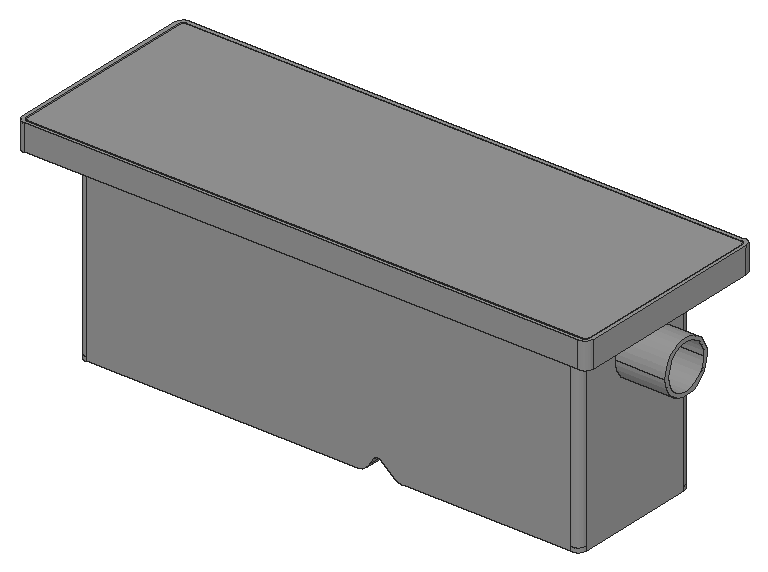
Revit family "Lil", category Plumbing Fixtures, Revit 2019
Family settings
  Round Connector Dimension = Use Diameter
  Part Type = Normal
  Work Plane-Based = No
  Always vertical = Yes
  Cut with Voids When Loaded = No
  Shared = No
  Room Calculation Point = No
Parameters (values of type "Lil-25-LP")
  top 2 = 3.09455"
  URL = "www.mifab.com"
  TOP1 = 1 1/2"
  TOP THK = 1 1/2"
  Model = "MI-G-25-PL"
  Material = Polyethylene, High Density
  Manufacturer = "MIFAB"
  FULL DIM = 6"
  F2 = F / 2 - 51/256"  # 1 77/256"
  F/2 = F / 2  # 1 1/2"
  F = 3"
  E = 12 1/2"
  Description = "25GPM Lil Max Low Profile Grease Interceptor"
  D = 9"
  C = 3 1/2"
  BOTTOM 1 = 9"
  B = 25 1/2"
  A+1 = (A + 1") / 1.95  # 17.4359"
  A = 33"
Types (9): name | top 2 | Model | F2 | F/2 | F | E | Description | D | C | B | A+1 | A
  (no name) | 3.09455" | "MI-G-25-PL" | 1 77/256" | 1 1/2" | 3" | 12 1/2" | "25GPM Lil Max Low Profile Grease Interceptor" | 9" | 3 1/2" | 25 1/2" | 17.4359" | 33"
  Lil-7 | 2" | "MI-G-1-PL" | 205/256" | 1" | 2" | 12 1/2" | "7GPM Lil Max Solid Interceptor" | 9" | 3 1/2" | 15 1/2" | 10.51282" | 19 1/2"
  Lil-10 | 3.09455" | "MI-G-2-PL" | 205/256" | 1" | 2" | 13 1/4" | "10GPM Lil Max Solid Interceptor" | 9 3/4" | 3 1/2" | 17 1/2" | 12.30769" | 23"
  Lil-15 | 3.09455" | "MI-G-3-PL" | 205/256" | 1" | 2" | 16 3/4" | "15GPM Lil Max Solid Interceptor" | 13 1/4" | 3 1/2" | 17 1/2" | 12.30769" | 23"
  Lil-20 | 3.09455" | "MI-G-4-PL" | 1 77/256" | 1 1/2" | 3" | 14 1/4" | "20GPM Lil Max Solid Interceptor" | 10 3/4" | 3 1/2" | 20 1/2" | 15.64103" | 29 1/2"
  Lil-25 | 3.09455" | "MI-G-5-PL" | 1 77/256" | 1 1/2" | 3" | 18 1/4" | "25GPM Lil Max Grease Interceptor" | 14 3/4" | 3 1/2" | 20 1/2" | 15.64103" | 29 1/2"
  Lil-35 | 3.09455" | "MI-G-6-PL" | 1 77/256" | 1 1/2" | 3" | 22 1/4" | "35GPM Lil Max Grease Interceptor" | 16 3/4" | 5 1/2" | 25 1/2" | 17.4359" | 33"
  Lil-50 | 3.09455" | "MI-G-7-PL" | 1 77/256" | 1 1/2" | 3" | 24 1/4" | "50GPM Lil Max Grease Interceptor" | 18 3/4" | 5 1/2" | 25 1/2" | 17.4359" | 33"
  Lil-25-LP | 3.09455" | "MI-G-25-PL" | 1 77/256" | 1 1/2" | 3" | 12 1/2" | "25GPM Lil Max Low Profile Grease Interceptor" | 9" | 3 1/2" | 25 1/2" | 17.4359" | 33"
Reference planes (in)
  plane 1 "Center (Front/Back)": y = 0
  plane 2: z = 0
  plane 3 "Center (Left/Right)": x = 0
  plane 4: z = -3.5
  plane 5: z = -12.5
Forms (in)
  Extrusion 1, solid, material "Polyethylene, High Density" <- "Material"
    sketch origin (-0.57139, 0, 0) x (1, 0, 0) y (0, 1, 0)
      loop
        arc (-15.42861, 6) -> (-15.78216, 5.85355) -> (-15.92861, 5.5) r 0.5
        line (-15.92861, 5.5) -> (-15.92861, -5.5)
        arc (-15.92861, -5.5) -> (-15.78216, -5.85355) -> (-15.42861, -6) r 0.5
        line (-15.42861, -6) -> (16.57139, -6)
        arc (16.57139, -6) -> (16.92494, -5.85355) -> (17.07139, -5.5) r 0.5
        line (17.07139, -5.5) -> (17.07139, 5.5)
        arc (17.07139, 5.5) -> (16.92494, 5.85355) -> (16.57139, 6) r 0.5
        line (16.57139, 6) -> (-15.42861, 6)
      loop
        arc (-15.67861, -5.5) -> (-15.60539, -5.67678) -> (-15.42861, -5.75) r 0.25
        line (-15.42861, -5.75) -> (16.57139, -5.75)
        arc (16.57139, -5.75) -> (16.74817, -5.67678) -> (16.82139, -5.5) r 0.25
        line (16.82139, -5.5) -> (16.82139, 5.5)
        arc (16.82139, 5.5) -> (16.74817, 5.67678) -> (16.57139, 5.75) r 0.25
        line (16.57139, 5.75) -> (-15.42861, 5.75)
        arc (-15.42861, 5.75) -> (-15.60539, 5.67678) -> (-15.67861, 5.5) r 0.25
        line (-15.67861, 5.5) -> (-15.67861, -5.5)
    from -1.5 to 0
  Extrusion 2, solid, material "Polyethylene, High Density" <- "Material"
    sketch origin (0, 0, 0) x (1, 0, 0) y (0, 1, 0)
      loop
        arc (-14, 4) -> (-14.35355, 3.85355) -> (-14.5, 3.5) r 0.5
        line (-14.5, 3.5) -> (-14.5, -3.5)
        arc (-14.5, -3.5) -> (-14.35355, -3.85355) -> (-14, -4) r 0.5
        line (-14, -4) -> (14, -4)
        arc (14, -4) -> (14.35355, -3.85355) -> (14.5, -3.5) r 0.5
        line (14.5, -3.5) -> (14.5, 3.5)
        arc (14.5, 3.5) -> (14.35355, 3.85355) -> (14, 4) r 0.5
        line (14, 4) -> (-14, 4)
      loop
        arc (-14.25, -3.5) -> (-14.17678, -3.67678) -> (-14, -3.75) r 0.25
        line (-14, -3.75) -> (14, -3.75)
        arc (14, -3.75) -> (14.17678, -3.67678) -> (14.25, -3.5) r 0.25
        line (14.25, -3.5) -> (14.25, 3.5)
        arc (14.25, 3.5) -> (14.17678, 3.67678) -> (14, 3.75) r 0.25
        line (14, 3.75) -> (-14, 3.75)
        arc (-14, 3.75) -> (-14.17678, 3.67678) -> (-14.25, 3.5) r 0.25
        line (-14.25, 3.5) -> (-14.25, -3.5)
    from -12.5 to -1.5
  Extrusion 3, solid, material "Polyethylene, High Density" <- "Material"
    sketch origin (0, 0, 0) x (0, 1, 0) y (0, 0, 1)
      loop
        circle (0, -3.5) r 1.5
    from 14.25 to 17.4359
  Extrusion 4, void
    sketch origin (0, 0, 0) x (0, 1, 0) y (0, 0, 1)
      loop
        circle (0, -3.5) r 1.30078
    from -17.4359 to 17.4359
  Extrusion 5, solid, material "Polyethylene, High Density" <- "Material"
    sketch origin (0, 0, 0) x (0, 1, 0) y (0, 0, -1)
      loop
        circle (0, 3.5) r 1.5
    from 14.25 to 17.4359
  Extrusion 6, solid, material "Polyethylene, High Density" <- "Material"
    sketch origin (0, 0, 0) x (1, 0, 0) y (0, 1, 0)
      loop
        line (-16.25, 5.5) -> (-16.25, -5.5)
        arc (-16.25, -5.5) -> (-16.17678, -5.67678) -> (-16, -5.75) r 0.25
        line (-16, -5.75) -> (16, -5.75)
        arc (16, -5.75) -> (16.17678, -5.67678) -> (16.25, -5.5) r 0.25
        line (16.25, -5.5) -> (16.25, 5.5)
        arc (16.25, 5.5) -> (16.17678, 5.67678) -> (16, 5.75) r 0.25
        line (16, 5.75) -> (-16, 5.75)
        arc (-16, 5.75) -> (-16.17678, 5.67678) -> (-16.25, 5.5) r 0.25
      loop
        line (-14.25, 3.5) -> (-14.25, -3.5)
        arc (-14.25, -3.5) -> (-14.17678, -3.67678) -> (-14, -3.75) r 0.25
        line (-14, -3.75) -> (14, -3.75)
        arc (14, -3.75) -> (14.17678, -3.67678) -> (14.25, -3.5) r 0.25
        line (14.25, -3.5) -> (14.25, 3.5)
        arc (14.25, 3.5) -> (14.17678, 3.67678) -> (14, 3.75) r 0.25
        line (14, 3.75) -> (-14, 3.75)
        arc (-14, 3.75) -> (-14.17678, 3.67678) -> (-14.25, 3.5) r 0.25
    from -1.5 to -1.27407
  Extrusion 7, solid, material "Polyethylene, High Density" <- "Material"
    sketch origin (0, 0, 0) x (1, 0, 0) y (0, 0, 1)
      loop
        line (-14.5, -12.5) -> (1.68146, -12.5)
        arc (1.68146, -12.5) -> (2.08444, -12.38254) -> (2.3612, -12.06696) r 0.75
        line (2.3612, -12.06696) -> (2.63018, -11.66446)
        arc (2.63018, -11.66446) -> (2.78411, -11.56852) -> (2.95785, -11.6206) r 0.22028
        line (2.95785, -11.6206) -> (3.61676, -12.19339)
        arc (3.61676, -12.19339) -> (3.99907, -12.42084) -> (4.43683, -12.5) r 1.25
        line (4.43683, -12.5) -> (14.5, -12.5) -> (14.5, -12.25) -> (4.43683, -12.25)
        arc (4.43683, -12.25) -> (4.08662, -12.18667) -> (3.78077, -12.00471) r 1
        line (3.78077, -12.00471) -> (3.10631, -11.41841)
        arc (3.10631, -11.41841) -> (2.74971, -11.3115) -> (2.43377, -11.50842) r 0.45213
        line (2.43377, -11.50842) -> (2.14162, -11.94558)
        arc (2.14162, -11.94558) -> (1.95733, -12.16701) -> (1.68146, -12.25) r 0.5
        line (1.68146, -12.25) -> (-14.5, -12.25) -> (-14.5, -12.5)
    from -4 to 4
  Extrusion 8, void
    sketch origin (0, 0, 0) x (1, 0, 0) y (0, 0, 1)
      loop
        line (1.68146, -12.5) -> (4.43683, -12.5)
        arc (4.43683, -12.5) -> (3.99907, -12.42084) -> (3.61676, -12.19339) r 1.25
        line (3.61676, -12.19339) -> (2.95785, -11.6206)
        arc (2.95785, -11.6206) -> (2.78411, -11.56852) -> (2.63018, -11.66446) r 0.22028
        line (2.63018, -11.66446) -> (2.3612, -12.06696)
        arc (2.3612, -12.06696) -> (2.08444, -12.38254) -> (1.68146, -12.5) r 0.75
    from -6.80226 to 6.67048
  Extrusion 9, void
    sketch origin (0, 0, 0) x (1, 0, 0) y (0, 1, 0)
      loop
        arc (-14, 4) -> (-14.35355, 3.85355) -> (-14.5, 3.5) r 0.5
        line (-14.5, 3.5) -> (-14.5, -3.5)
        arc (-14.5, -3.5) -> (-14.35355, -3.85355) -> (-14, -4) r 0.5
        line (-14, -4) -> (14, -4)
        arc (14, -4) -> (14.35355, -3.85355) -> (14.5, -3.5) r 0.5
        line (14.5, -3.5) -> (14.5, 3.5)
        arc (14.5, 3.5) -> (14.35355, 3.85355) -> (14, 4) r 0.5
        line (14, 4) -> (-14, 4)
      loop
        arc (-14, 4.25) -> (-14.53033, 4.03033) -> (-14.75, 3.5) r 0.75
        line (-14.75, 3.5) -> (-14.75, -3.5)
        arc (-14.75, -3.5) -> (-14.53033, -4.03033) -> (-14, -4.25) r 0.75
        line (-14, -4.25) -> (14, -4.25)
        arc (14, -4.25) -> (14.53033, -4.03033) -> (14.75, -3.5) r 0.75
        line (14.75, -3.5) -> (14.75, 3.5)
        arc (14.75, 3.5) -> (14.53033, 4.03033) -> (14, 4.25) r 0.75
        line (14, 4.25) -> (-14, 4.25)
    from -12.5 to -8.24153
  Extrusion 10, solid, material "Polytetrafluoroethylene"
    sketch origin (0, 0, 0) x (1, 0, 0) y (0, 1, 0)
      loop
        arc (-16.25, -5.5) -> (-16.17678, -5.67678) -> (-16, -5.75) r 0.25
        line (-16, -5.75) -> (16, -5.75)
        arc (16, -5.75) -> (16.17678, -5.67678) -> (16.25, -5.5) r 0.25
        line (16.25, -5.5) -> (16.25, 5.5)
        arc (16.25, 5.5) -> (16.17678, 5.67678) -> (16, 5.75) r 0.25
        line (16, 5.75) -> (-16, 5.75)
        arc (-16, 5.75) -> (-16.17678, 5.67678) -> (-16.25, 5.5) r 0.25
        line (-16.25, 5.5) -> (-16.25, -5.5)
    from -1.27407 to 0
Cuts and joins
  Extrusion 4 cuts Extrusion 1
  Extrusion 4, Extrusion 8 cuts Extrusion 2
  Extrusion 4 cuts Extrusion 3
  Extrusion 4 cuts Extrusion 5
  Extrusion 4 cuts Extrusion 6
  Extrusion 4, Extrusion 8, Extrusion 9 cuts Extrusion 7
  joined: Extrusion 1, Extrusion 2, Extrusion 3, Extrusion 5, Extrusion 6, Extrusion 7
Dimensions and locks (in)
  "D": plane 5 to plane 4
  "C": level to plane 4
  equal spacing: Extrusion 1 sketch curve, plane 1 "Center (Front/Back)", Extrusion 1 sketch curve
  "FULL DIM": plane 1 "Center (Front/Back)" to Extrusion 1 sketch curve
  equal spacing: Extrusion 1, plane 3 "Center (Left/Right)", Extrusion 1
  "A+1": Extrusion 3 to plane 3 "Center (Left/Right)"
  "A": Extrusion 1 sketch curve to Extrusion 1 sketch curve
  equal spacing: Extrusion 1 sketch curve, plane 3 "Center (Left/Right)", Extrusion 1 sketch curve
  "A+1": cut or joined group 1 (Extrusion 1, Extrusion 2, Extrusion 3, Extrusion 4, Extrusion 5, Extrusion 6, Extrusion 7, Extrusion 8, Extrusion 9) to plane 3 "Center (Left/Right)"
  locked: Extrusion 6 to Extrusion 1 at 0.22593
  equal spacing: Extrusion 2 sketch curve, plane 3 "Center (Left/Right)", Extrusion 2 sketch curve
  equal spacing: Extrusion 2 sketch curve, plane 1 "Center (Front/Back)", Extrusion 2 sketch curve
  cut or joined group 1 to cut or joined group 1 = 1/4"
  locked: cut or joined group 1 to cut or joined group 1 at 0.25
  cut or joined group 1 to cut or joined group 1 = 2"
  locked: cut or joined group 1 to cut or joined group 1 at 2
  locked: cut or joined group 1 to cut or joined group 1 at 2.25  (x2)
  "F/2": radius of Extrusion 3 sketch curve
  "F2": radius of Extrusion 4 sketch curve
  "F/2": radius of Extrusion 5 sketch curve
  aligned and locked: plane 2 to level
  aligned and locked: level to Extrusion 1
  aligned and locked: Extrusion 2 to plane 5
  aligned and locked: Extrusion 2 to Extrusion 1
  aligned and locked: plane 1 "Center (Front/Back)" to Extrusion 3 sketch curve
  aligned and locked: plane 4 to Extrusion 3 sketch curve
  aligned and locked: plane 1 "Center (Front/Back)" to Extrusion 4 sketch curve
  aligned and locked: plane 4 to Extrusion 4 sketch curve
  aligned and locked: Extrusion 6 sketch curve to Extrusion 1  (x4)
  aligned and locked: Extrusion 1 to Extrusion 6
  aligned and locked: Extrusion 7 sketch curve to cut or joined group 1
  aligned and locked: Extrusion 8 sketch curve to cut or joined group 1  (x3)
  aligned and locked: cut or joined group 1 to Extrusion 8 sketch curve
  aligned and locked: cut or joined group 1 to Extrusion 6 sketch curve  (x3)
  aligned and locked: Extrusion 6 sketch curve to cut or joined group 1
  aligned and locked: Extrusion 7 to Extrusion 2  (x2)
  aligned and locked: Extrusion 2 to Extrusion 7
  aligned and locked: Extrusion 2 to Extrusion 3
  aligned and locked: Extrusion 2 to Extrusion 5
  aligned and locked: Extrusion 9 sketch curve to cut or joined group 1  (x4)
  aligned and locked: Extrusion 9 to plane 5
  aligned and locked: Extrusion 10 sketch curve to cut or joined group 1  (x4)
  aligned and locked: Extrusion 10 to cut or joined group 1
  aligned and locked: level to Extrusion 10
  aligned and locked: Extrusion 3 to Extrusion 4
  aligned and locked: Extrusion 5 to Extrusion 4
  aligned and locked: plane 4 to Extrusion 5 sketch curve
  aligned and locked: plane 1 "Center (Front/Back)" to Extrusion 5 sketch curve
Automatic sketch dimensions
  Extrusion 6 sketch curve to Extrusion 6 sketch curve = 1/4"  (x6)
  Extrusion 8 sketch curve to Extrusion 8 sketch curve = 0.67973"
  plane 5 to Extrusion 8 sketch curve = 0.30661"
  Extrusion 8 sketch curve to Extrusion 8 sketch curve = 0.26899"
  Extrusion 8 sketch curve to Extrusion 8 sketch curve = 0.12239"
  Extrusion 8 sketch curve to Extrusion 8 sketch curve = 37/256"
  Extrusion 2 sketch curve to plane 3 "Center (Left/Right)" = 14 1/2"
  Extrusion 2 sketch curve to Extrusion 2 sketch curve = 1/2"  (x4)
  Extrusion 2 sketch curve to Extrusion 2 sketch curve = 0"  (x11)
  Extrusion 2 sketch curve to Extrusion 2 sketch curve = 1/4"
  plane 1 "Center (Front/Back)" to Extrusion 2 sketch curve = 4"
  Extrusion 6 sketch curve to Extrusion 6 sketch curve = 2"
  Extrusion 7 sketch curve to Extrusion 7 sketch curve = 0"  (x4)
  Extrusion 7 sketch curve to plane 5 = 0"
  Extrusion 7 sketch curve to plane 3 "Center (Left/Right)" = 14 1/2"
  plane 5 to Extrusion 7 sketch curve = 1/4"
  plane 3 "Center (Left/Right)" to Extrusion 7 sketch curve = 1.68146"
  plane 5 to Extrusion 7 sketch curve = 0.55442"
  Extrusion 7 sketch curve to Extrusion 7 sketch curve = 0.46016"
  plane 5 to Extrusion 7 sketch curve = 0.43304"
  Extrusion 7 sketch curve to Extrusion 7 sketch curve = 0.29215"
  plane 5 to Extrusion 7 sketch curve = 0.83554"
  Extrusion 7 sketch curve to Extrusion 7 sketch curve = 0.19641"
  Extrusion 7 sketch curve to Extrusion 7 sketch curve = 0.1795"
  Extrusion 7 sketch curve to Extrusion 7 sketch curve = 0.00364"
  plane 5 to Extrusion 7 sketch curve = 0.8794"
  Extrusion 7 sketch curve to Extrusion 7 sketch curve = 0.14816"
  plane 5 to Extrusion 7 sketch curve = 1.08159"
  Extrusion 7 sketch curve to Extrusion 7 sketch curve = 0.14846"
  plane 5 to Extrusion 7 sketch curve = 0.30661"
  Extrusion 7 sketch curve to Extrusion 7 sketch curve = 0.65891"
  plane 5 to Extrusion 7 sketch curve = 0.49529"
  Extrusion 7 sketch curve to Extrusion 7 sketch curve = 0.16401"
  Extrusion 7 sketch curve to Extrusion 7 sketch curve = 0.65606"
  Extrusion 7 sketch curve to Extrusion 7 sketch curve = 10.06317"
  Extrusion 7 sketch curve to Extrusion 7 sketch curve = 0.02722"
  Extrusion 9 sketch curve to Extrusion 9 sketch curve = 0"  (x7)
  Extrusion 9 sketch curve to Extrusion 9 sketch curve = 1/4"
  Extrusion 1 sketch curve to Extrusion 1 sketch curve = 0"  (x7)
  Extrusion 1 sketch curve to Extrusion 1 sketch curve = 1/4"  (x5)
  Extrusion 3 sketch curve to plane 4 = 0"
Connectors (in)
  piping at (17.4359, 0, -3.5), diameter 3, driven by "F"
    settings: on cut or joined group 1, index 1, connector inside diameter 24", connector length 0", flow factor 0, pipe flow 75 GPM, pressure drop 0.00 psi, fitting loss kfactor 0, connector angle 0.00°, fixture units 0, engagement length 0", angle of deflection 0.00°, flow configuration 0, flow direction 0, fitting loss method 0, system type 7, joint type 0, gender type 0, connector reference index -1, connector utility 0, adjustable connector no, is connector primary yes, connector description ""
  piping at (-17.4359, 0, -3.5), diameter 3, driven by "F"
    settings: on cut or joined group 1, index 2, connector inside diameter 24", connector length 0", flow factor 0, pipe flow 75 GPM, pressure drop 0.00 psi, fitting loss kfactor 0, connector angle 0.00°, fixture units 0, engagement length 0", angle of deflection 0.00°, flow configuration 0, flow direction 0, fitting loss method 0, system type 7, joint type 0, gender type 0, connector reference index -1, connector utility 0, adjustable connector no, is connector primary no, connector description ""
